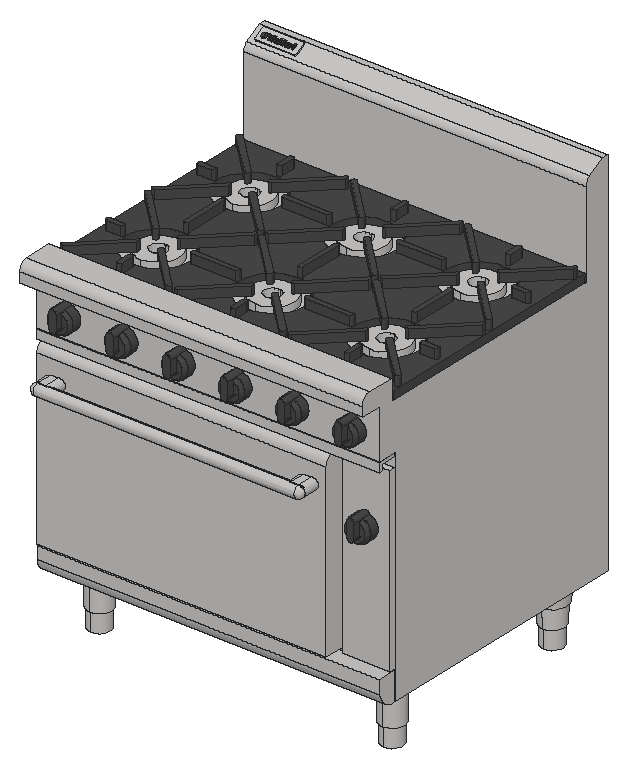
Revit family "QF_MOFFAT WALDORF_RN8610G", category Specialty Equipment, Revit 2012
Parameters
  Width = 900 mm
  Weight in Pounds = 209
  URL Cutsheet = "www.moffat.com"
  URL = "www.moffat.com"
  Type Mark [instance] = ""
  Status [instance] = ""
  Specification by User [instance] = ""
  Specification by Manufacturer = ""
  Show Logo [instance] = yes
  Show Clearance [instance] = yes
  Serial Number = ""
  Seismic Rating = ""
  SMACNA No = ""
  Revision Code [instance] = ""
  Omniclass Number and Title = ""
  NAFEM Spec ID Number = ""
  Model = "RN8610G"
  Mechanical Remarks = ""
  Mechanical Connection Type [instance] = ""
  Masterspec = ""
  Manufacturer = "MOFFAT WALDORF"
  Item Number [instance] = ""
  Installed By [instance] = ""
  Identify Quantity as Lot [instance] = yes
  Height = 1130 mm
  Gas Size = 3/4"
  Gas RI Height [instance] = 0 mm
  Gas KW [instance] = 55
  Gas Input [instance] = 187668.0 Btu/h
  Gas Connection Height = 0 mm
  Furnished By [instance] = ""
  Foodservice Equipment Identifier [instance] = yes
  Description = "RANGE GAS WITH STATIC OVEN"
  Depth = 805 mm
  CSI MasterFormat = ""
  CSI Master Format = ""
  Body Finish = QF_Finishes_Stainless Steel
Reference planes
  plane 1 "BACK": y = 0
  plane 2: z = 0
  plane 3 "LEFT": x = 0
  plane 4 "RIGHT": x = 900
  plane 5 "FRONT": y = -805
  plane 6 "TOP": z = 1130
  plane 7 "Center Y": x = 450
  plane 8 "Center X": y = -402.5
  plane 9: x = 280
  plane 10: y = -574.272
  plane 11: x = 60
  plane 12: y = -304.972
  plane 13: y = -364.972
  plane 14: x = 74
  plane 15: y = -805
  plane 16: x = 834.5
  plane 17: y = -32
  plane 18: z = 655
  plane 19: x = 65.8
Forms (mm)
  Extrusion 1, solid, material "QF_Finishes_Stainless Steel" <- "Body Finish"
    sketch origin (0, 0, 0) x (0, 1, 0) y (0, 0, 1)
      loop
        line (0, 150) -> (0, 1130) -> (-16.5, 1130) -> (-58.709, 1105.631)
        arc (-58.709, 1105.631) -> (-66.975, 1097.365) -> (-70, 1086.074) r 22.582
        line (-70, 1086.074) -> (-70, 861.8) -> (-709, 861.8) -> (-709, 915) -> (-781, 915)
        arc (-781, 915) -> (-797.971, 907.971) -> (-805, 891) r 24
        line (-805, 891) -> (-805, 866) -> (-749, 866) -> (-749, 736.219) -> (-696.73, 736.219) -> (-696.73, 150) -> (0, 150)
      loop
        line (-700.93, 150.071) -> (-700.93, 222.5) -> (-746.73, 222.5) -> (-746.73, 188)
        arc (-746.73, 188) -> (-731.317, 159.995) -> (-700.93, 150.071) r 43.526
      loop
        line (-749, 710) -> (-740.224, 710) -> (-742.613, 726.999) -> (-700.93, 726.999) -> (-700.93, 734.003) -> (-749, 734.003) -> (-749, 710)
    from 0 to 900
  Extrusion 2, solid, material "QF_Finishes_Stainless Steel"
    sketch origin (0, 0, 0) x (0, 1, 0) y (0, 0, 1)
      loop
        line (-699, 700) -> (-725, 700)
        arc (-725, 700) -> (-741.971, 692.971) -> (-749, 676) r 24
        line (-749, 676) -> (-749, 227.5) -> (-699, 227.5) -> (-699, 700)
    from 0 to 760
  Extrusion 3, solid, material "QF_Finishes_Stainless Steel"
    sketch origin (723.5, 0, 0) x (0, 1, 0) y (0, 0, 1)
      loop
        line (-699, 700) -> (-714, 700) -> (-714, 227.5) -> (-699, 227.5) -> (-699, 700)
    from 51.5 to 176.5
  Revolve 4, solid, material "QF_Finishes_Stainless Steel" <- "Body Finish"
    sketch origin (834.5, -165, 0) x (0, 1, 0) y (0, 0, -1)
      loop
        line (33.25, -50) -> (31.418, -102.468) -> (26.406, -102.468) -> (22.247, -150) -> (65, -150) -> (65, 0) -> (37.5, 0) -> (37.5, -50) -> (33.25, -50)
      axis (65, -150) -> (65, 0)
    angle from 0 to 360
  Revolve 5, solid, material "QF_Finishes_Stainless Steel" <- "Body Finish"
    sketch origin (834.5, -696.126, 0) x (0, 1, 0) y (0, 0, -1)
      loop
        line (39.376, -150) -> (71.126, -150) -> (71.126, 0) -> (43.626, 0) -> (43.626, -50) -> (39.376, -50) -> (39.376, -150)
      axis (71.126, -150) -> (71.126, 0)
    angle from 0 to 360
  Revolve 6, solid, material "QF_Finishes_Stainless Steel" <- "Body Finish"
    sketch origin (65.5, -165, 0) x (0, 1, 0) y (0, 0, 1)
      loop
        line (31.418, 102.468) -> (33.25, 50) -> (37.5, 50) -> (37.5, 0) -> (65, 0) -> (65, 150) -> (22.247, 150) -> (26.406, 102.468) -> (31.418, 102.468)
      axis (65, 150) -> (65, 0)
    angle from 0 to 360
  Revolve 7, solid, material "QF_Finishes_Stainless Steel" <- "Body Finish"
    sketch origin (65.5, -696.126, 0) x (0, 1, 0) y (0, 0, 1)
      loop
        line (39.376, 150) -> (39.376, 50) -> (43.626, 50) -> (43.626, 0) -> (71.126, 0) -> (71.126, 150) -> (39.376, 150)
      axis (71.126, 150) -> (71.126, 0)
    angle from 0 to 360
  Extrusion 8, solid, material "QF_Finishes_Stainless Steel"
    sketch origin (-64.5, 0, 325) x (1, 0, 0) y (0, 1, 0)
      loop
        circle (834.5, -32) r 10
    from 330 to 373.5
  Extrusion 9, solid, material "QF_Finishes_Black"
    sketch origin (0, -70, 861.8) x (0, -1, 0) y (1, 0, 0)
      loop
        arc (1, 4) -> (1.879, 1.879) -> (4, 1) r 3
        line (4, 1) -> (631, 1)
        arc (631, 1) -> (633.121, 1.879) -> (634, 4) r 3
        line (634, 4) -> (634, 897)
        arc (634, 897) -> (633.121, 899.121) -> (631, 900) r 3
        line (631, 900) -> (4, 900)
        arc (4, 900) -> (1.879, 899.121) -> (1, 897) r 3
        line (1, 897) -> (1, 4)
      loop
        circle (167.5, 150) r 85
      loop
        circle (167.5, 450) r 85
      loop
        circle (467.768, 150) r 85
      loop
        circle (467.768, 450) r 85
      loop
        circle (167.5, 750) r 85
      loop
        circle (467.768, 750) r 85
    from 0 to 19.5
  Extrusion 10, solid, material "QF_Finishes_Black"
    sketch origin (0, -70, 881.3) x (0, -1, 0) y (1, 0, 0)
      loop
        spline (323.602, 15.153) -> (322.681, 13.924) -> (322.131, 12.47) -> (321.99, 10.89) -> (322.267, 9.292) -> (322.943, 7.786) -> (323.973, 6.473) -> (325.286, 5.443) -> (326.792, 4.767) -> (328.39, 4.49) -> (329.97, 4.631) -> (331.424, 5.181) -> (332.653, 6.102)
        line (332.653, 6.102) -> (440.576, 114.025)
        spline (440.576, 114.025) -> (441.337, 115.095) -> (441.738, 116.399) -> (441.751, 117.851) -> (441.375, 119.35) -> (440.637, 120.795) -> (439.586, 122.086) -> (438.295, 123.137) -> (436.85, 123.875) -> (435.351, 124.251) -> (433.899, 124.238) -> (432.595, 123.837) -> (431.525, 123.076)
        line (431.525, 123.076) -> (323.602, 15.153)
      loop
        line (611.398, 15.153) -> (503.475, 123.076)
        spline (503.475, 123.076) -> (502.405, 123.837) -> (501.101, 124.238) -> (499.649, 124.251) -> (498.15, 123.875) -> (496.705, 123.137) -> (495.414, 122.086) -> (494.363, 120.795) -> (493.625, 119.35) -> (493.249, 117.851) -> (493.262, 116.399) -> (493.663, 115.095) -> (494.424, 114.025)
        line (494.424, 114.025) -> (602.347, 6.102)
        spline (602.347, 6.102) -> (603.416, 5.341) -> (604.721, 4.941) -> (606.172, 4.928) -> (607.671, 5.303) -> (609.116, 6.041) -> (610.408, 7.092) -> (611.459, 8.384) -> (612.197, 9.829) -> (612.572, 11.328) -> (612.559, 12.779) -> (612.159, 14.084) -> (611.398, 15.153)
      loop
        spline (375.602, 143.6) -> (376.896, 143.818) -> (378.102, 144.457) -> (379.138, 145.475) -> (379.932, 146.8) -> (380.432, 148.344) -> (380.602, 150) -> (380.432, 151.656) -> (379.932, 153.2) -> (379.138, 154.525) -> (378.102, 155.543) -> (376.896, 156.182) -> (375.602, 156.4)
        line (375.602, 156.4) -> (259.398, 156.4)
        spline (259.398, 156.4) -> (258.104, 156.182) -> (256.898, 155.543) -> (255.862, 154.525) -> (255.068, 153.2) -> (254.568, 151.656) -> (254.398, 150) -> (254.568, 148.344) -> (255.068, 146.8) -> (255.862, 145.475) -> (256.898, 144.457) -> (258.104, 143.818) -> (259.398, 143.6)
        line (259.398, 143.6) -> (375.602, 143.6)
      loop
        spline (23.602, 15.153) -> (22.681, 13.924) -> (22.131, 12.47) -> (21.99, 10.89) -> (22.267, 9.292) -> (22.943, 7.786) -> (23.973, 6.473) -> (25.286, 5.443) -> (26.792, 4.767) -> (28.39, 4.49) -> (29.97, 4.631) -> (31.424, 5.181) -> (32.653, 6.102)
        line (32.653, 6.102) -> (140.576, 114.025)
        spline (140.576, 114.025) -> (141.337, 115.095) -> (141.738, 116.399) -> (141.751, 117.851) -> (141.375, 119.35) -> (140.637, 120.795) -> (139.586, 122.086) -> (138.295, 123.137) -> (136.85, 123.875) -> (135.351, 124.251) -> (133.899, 124.238) -> (132.595, 123.837) -> (131.525, 123.076)
        line (131.525, 123.076) -> (23.602, 15.153)
      loop
        line (311.398, 15.153) -> (203.475, 123.076)
        spline (203.475, 123.076) -> (202.405, 123.837) -> (201.101, 124.238) -> (199.649, 124.251) -> (198.15, 123.875) -> (196.705, 123.137) -> (195.414, 122.086) -> (194.363, 120.795) -> (193.625, 119.35) -> (193.249, 117.851) -> (193.262, 116.399) -> (193.663, 115.095) -> (194.424, 114.025)
        line (194.424, 114.025) -> (302.347, 6.102)
        spline (302.347, 6.102) -> (303.416, 5.341) -> (304.721, 4.941) -> (306.172, 4.928) -> (307.671, 5.303) -> (309.116, 6.041) -> (310.408, 7.092) -> (311.459, 8.384) -> (312.197, 9.829) -> (312.572, 11.328) -> (312.559, 12.779) -> (312.159, 14.084) -> (311.398, 15.153)
      loop
        line (323.602, 284.847) -> (431.525, 176.924)
        spline (431.525, 176.924) -> (432.595, 176.163) -> (433.899, 175.762) -> (435.351, 175.749) -> (436.85, 176.125) -> (438.295, 176.863) -> (439.586, 177.914) -> (440.637, 179.205) -> (441.375, 180.65) -> (441.751, 182.149) -> (441.738, 183.601) -> (441.337, 184.905) -> (440.576, 185.975)
        line (440.576, 185.975) -> (332.653, 293.898)
        spline (332.653, 293.898) -> (331.424, 294.819) -> (329.97, 295.369) -> (328.39, 295.51) -> (326.792, 295.233) -> (325.286, 294.557) -> (323.973, 293.527) -> (322.943, 292.214) -> (322.267, 290.708) -> (321.99, 289.11) -> (322.131, 287.53) -> (322.681, 286.076) -> (323.602, 284.847)
      loop
        spline (611.398, 284.847) -> (612.159, 285.916) -> (612.559, 287.221) -> (612.572, 288.672) -> (612.197, 290.171) -> (611.459, 291.616) -> (610.408, 292.908) -> (609.116, 293.959) -> (607.671, 294.697) -> (606.172, 295.072) -> (604.721, 295.059) -> (603.416, 294.659) -> (602.347, 293.898)
        line (602.347, 293.898) -> (494.424, 185.975)
        spline (494.424, 185.975) -> (493.663, 184.905) -> (493.262, 183.601) -> (493.249, 182.149) -> (493.625, 180.65) -> (494.363, 179.205) -> (495.414, 177.914) -> (496.705, 176.863) -> (498.15, 176.125) -> (499.649, 175.749) -> (501.101, 175.762) -> (502.405, 176.163) -> (503.475, 176.924)
        line (503.475, 176.924) -> (611.398, 284.847)
      loop
        spline (461.1, 241.898) -> (461.318, 240.604) -> (461.957, 239.398) -> (462.975, 238.362) -> (464.3, 237.568) -> (465.844, 237.068) -> (467.5, 236.898) -> (469.156, 237.068) -> (470.7, 237.568) -> (472.025, 238.362) -> (473.043, 239.398) -> (473.682, 240.604) -> (473.9, 241.898)
        line (473.9, 241.898) -> (473.9, 358.102)
        spline (473.9, 358.102) -> (473.682, 359.396) -> (473.043, 360.602) -> (472.025, 361.638) -> (470.7, 362.432) -> (469.156, 362.932) -> (467.5, 363.102) -> (465.844, 362.932) -> (464.3, 362.432) -> (462.975, 361.638) -> (461.957, 360.602) -> (461.318, 359.396) -> (461.1, 358.102)
        line (461.1, 358.102) -> (461.1, 241.898)
      loop
        line (23.602, 284.847) -> (131.525, 176.924)
        spline (131.525, 176.924) -> (132.595, 176.163) -> (133.899, 175.762) -> (135.351, 175.749) -> (136.85, 176.125) -> (138.295, 176.863) -> (139.586, 177.914) -> (140.637, 179.205) -> (141.375, 180.65) -> (141.751, 182.149) -> (141.738, 183.601) -> (141.337, 184.905) -> (140.576, 185.975)
        line (140.576, 185.975) -> (32.653, 293.898)
        spline (32.653, 293.898) -> (31.424, 294.819) -> (29.97, 295.369) -> (28.39, 295.51) -> (26.792, 295.233) -> (25.286, 294.557) -> (23.973, 293.527) -> (22.943, 292.214) -> (22.267, 290.708) -> (21.99, 289.11) -> (22.131, 287.53) -> (22.681, 286.076) -> (23.602, 284.847)
      loop
        spline (311.398, 284.847) -> (312.159, 285.916) -> (312.559, 287.221) -> (312.572, 288.672) -> (312.197, 290.171) -> (311.459, 291.616) -> (310.408, 292.908) -> (309.116, 293.959) -> (307.671, 294.697) -> (306.172, 295.072) -> (304.721, 295.059) -> (303.416, 294.659) -> (302.347, 293.898)
        line (302.347, 293.898) -> (194.424, 185.975)
        spline (194.424, 185.975) -> (193.663, 184.905) -> (193.262, 183.601) -> (193.249, 182.149) -> (193.625, 180.65) -> (194.363, 179.205) -> (195.414, 177.914) -> (196.705, 176.863) -> (198.15, 176.125) -> (199.649, 175.749) -> (201.101, 175.762) -> (202.405, 176.163) -> (203.475, 176.924)
        line (203.475, 176.924) -> (311.398, 284.847)
      loop
        spline (161.1, 241.898) -> (161.318, 240.604) -> (161.957, 239.398) -> (162.975, 238.362) -> (164.3, 237.568) -> (165.844, 237.068) -> (167.5, 236.898) -> (169.156, 237.068) -> (170.7, 237.568) -> (172.025, 238.362) -> (173.043, 239.398) -> (173.682, 240.604) -> (173.9, 241.898)
        line (173.9, 241.898) -> (173.9, 358.102)
        spline (173.9, 358.102) -> (173.682, 359.396) -> (173.043, 360.602) -> (172.025, 361.638) -> (170.7, 362.432) -> (169.156, 362.932) -> (167.5, 363.102) -> (165.844, 362.932) -> (164.3, 362.432) -> (162.975, 361.638) -> (161.957, 360.602) -> (161.318, 359.396) -> (161.1, 358.102)
        line (161.1, 358.102) -> (161.1, 241.898)
      loop
        line (375.602, 456.4) -> (259.398, 456.4)
        spline (259.398, 456.4) -> (258.104, 456.182) -> (256.898, 455.543) -> (255.862, 454.525) -> (255.068, 453.2) -> (254.568, 451.656) -> (254.398, 450) -> (254.568, 448.344) -> (255.068, 446.8) -> (255.862, 445.475) -> (256.898, 444.457) -> (258.104, 443.818) -> (259.398, 443.6)
        line (259.398, 443.6) -> (375.602, 443.6)
        spline (375.602, 443.6) -> (376.896, 443.818) -> (378.102, 444.457) -> (379.138, 445.475) -> (379.932, 446.8) -> (380.432, 448.344) -> (380.602, 450) -> (380.432, 451.656) -> (379.932, 453.2) -> (379.138, 454.525) -> (378.102, 455.543) -> (376.896, 456.182) -> (375.602, 456.4)
      loop
        spline (323.602, 315.153) -> (322.681, 313.924) -> (322.131, 312.47) -> (321.99, 310.89) -> (322.267, 309.292) -> (322.943, 307.786) -> (323.973, 306.473) -> (325.286, 305.443) -> (326.792, 304.767) -> (328.39, 304.49) -> (329.97, 304.631) -> (331.424, 305.181) -> (332.653, 306.102)
        line (332.653, 306.102) -> (440.576, 414.025)
        spline (440.576, 414.025) -> (441.337, 415.095) -> (441.738, 416.399) -> (441.751, 417.851) -> (441.375, 419.35) -> (440.637, 420.795) -> (439.586, 422.086) -> (438.295, 423.137) -> (436.85, 423.875) -> (435.351, 424.251) -> (433.899, 424.238) -> (432.595, 423.837) -> (431.525, 423.076)
        line (431.525, 423.076) -> (323.602, 315.153)
      loop
        line (611.398, 315.153) -> (503.475, 423.076)
        spline (503.475, 423.076) -> (502.405, 423.837) -> (501.101, 424.238) -> (499.649, 424.251) -> (498.15, 423.875) -> (496.705, 423.137) -> (495.414, 422.086) -> (494.363, 420.795) -> (493.625, 419.35) -> (493.249, 417.851) -> (493.262, 416.399) -> (493.663, 415.095) -> (494.424, 414.025)
        line (494.424, 414.025) -> (602.347, 306.102)
        spline (602.347, 306.102) -> (603.416, 305.341) -> (604.721, 304.941) -> (606.172, 304.928) -> (607.671, 305.303) -> (609.116, 306.041) -> (610.408, 307.092) -> (611.459, 308.384) -> (612.197, 309.829) -> (612.572, 311.328) -> (612.559, 312.779) -> (612.159, 314.084) -> (611.398, 315.153)
      loop
        spline (23.602, 315.153) -> (22.681, 313.924) -> (22.131, 312.47) -> (21.99, 310.89) -> (22.267, 309.292) -> (22.943, 307.786) -> (23.973, 306.473) -> (25.286, 305.443) -> (26.792, 304.767) -> (28.39, 304.49) -> (29.97, 304.631) -> (31.424, 305.181) -> (32.653, 306.102)
        line (32.653, 306.102) -> (140.576, 414.025)
        spline (140.576, 414.025) -> (141.337, 415.095) -> (141.738, 416.399) -> (141.751, 417.851) -> (141.375, 419.35) -> (140.637, 420.795) -> (139.586, 422.086) -> (138.295, 423.137) -> (136.85, 423.875) -> (135.351, 424.251) -> (133.899, 424.238) -> (132.595, 423.837) -> (131.525, 423.076)
        line (131.525, 423.076) -> (23.602, 315.153)
      loop
        line (311.398, 315.153) -> (203.475, 423.076)
        spline (203.475, 423.076) -> (202.405, 423.837) -> (201.101, 424.238) -> (199.649, 424.251) -> (198.15, 423.875) -> (196.705, 423.137) -> (195.414, 422.086) -> (194.363, 420.795) -> (193.625, 419.35) -> (193.249, 417.851) -> (193.262, 416.399) -> (193.663, 415.095) -> (194.424, 414.025)
        line (194.424, 414.025) -> (302.347, 306.102)
        spline (302.347, 306.102) -> (303.416, 305.341) -> (304.721, 304.941) -> (306.172, 304.928) -> (307.671, 305.303) -> (309.116, 306.041) -> (310.408, 307.092) -> (311.459, 308.384) -> (312.197, 309.829) -> (312.572, 311.328) -> (312.559, 312.779) -> (312.159, 314.084) -> (311.398, 315.153)
      loop
        line (323.602, 584.847) -> (431.525, 476.924)
        spline (431.525, 476.924) -> (432.595, 476.163) -> (433.899, 475.762) -> (435.351, 475.749) -> (436.85, 476.125) -> (438.295, 476.863) -> (439.586, 477.914) -> (440.637, 479.205) -> (441.375, 480.65) -> (441.751, 482.149) -> (441.738, 483.601) -> (441.337, 484.905) -> (440.576, 485.975)
        line (440.576, 485.975) -> (332.653, 593.898)
        spline (332.653, 593.898) -> (331.424, 594.819) -> (329.97, 595.369) -> (328.39, 595.51) -> (326.792, 595.233) -> (325.286, 594.557) -> (323.973, 593.527) -> (322.943, 592.214) -> (322.267, 590.708) -> (321.99, 589.11) -> (322.131, 587.53) -> (322.681, 586.076) -> (323.602, 584.847)
      loop
        spline (611.398, 584.847) -> (612.159, 585.916) -> (612.559, 587.221) -> (612.572, 588.672) -> (612.197, 590.171) -> (611.459, 591.616) -> (610.408, 592.908) -> (609.116, 593.959) -> (607.671, 594.697) -> (606.172, 595.072) -> (604.721, 595.059) -> (603.416, 594.659) -> (602.347, 593.898)
        line (602.347, 593.898) -> (494.424, 485.975)
        spline (494.424, 485.975) -> (493.663, 484.905) -> (493.262, 483.601) -> (493.249, 482.149) -> (493.625, 480.65) -> (494.363, 479.205) -> (495.414, 477.914) -> (496.705, 476.863) -> (498.15, 476.125) -> (499.649, 475.749) -> (501.101, 475.762) -> (502.405, 476.163) -> (503.475, 476.924)
        line (503.475, 476.924) -> (611.398, 584.847)
      loop
        line (23.602, 584.847) -> (131.525, 476.924)
        spline (131.525, 476.924) -> (132.595, 476.163) -> (133.899, 475.762) -> (135.351, 475.749) -> (136.85, 476.125) -> (138.295, 476.863) -> (139.586, 477.914) -> (140.637, 479.205) -> (141.375, 480.65) -> (141.751, 482.149) -> (141.738, 483.601) -> (141.337, 484.905) -> (140.576, 485.975)
        line (140.576, 485.975) -> (32.653, 593.898)
        spline (32.653, 593.898) -> (31.424, 594.819) -> (29.97, 595.369) -> (28.39, 595.51) -> (26.792, 595.233) -> (25.286, 594.557) -> (23.973, 593.527) -> (22.943, 592.214) -> (22.267, 590.708) -> (21.99, 589.11) -> (22.131, 587.53) -> (22.681, 586.076) -> (23.602, 584.847)
      loop
        spline (311.398, 584.847) -> (312.159, 585.916) -> (312.559, 587.221) -> (312.572, 588.672) -> (312.197, 590.171) -> (311.459, 591.616) -> (310.408, 592.908) -> (309.116, 593.959) -> (307.671, 594.697) -> (306.172, 595.072) -> (304.721, 595.059) -> (303.416, 594.659) -> (302.347, 593.898)
        line (302.347, 593.898) -> (194.424, 485.975)
        spline (194.424, 485.975) -> (193.663, 484.905) -> (193.262, 483.601) -> (193.249, 482.149) -> (193.625, 480.65) -> (194.363, 479.205) -> (195.414, 477.914) -> (196.705, 476.863) -> (198.15, 476.125) -> (199.649, 475.749) -> (201.101, 475.762) -> (202.405, 476.163) -> (203.475, 476.924)
        line (203.475, 476.924) -> (311.398, 584.847)
      loop
        spline (461.1, 541.898) -> (461.318, 540.604) -> (461.957, 539.398) -> (462.975, 538.362) -> (464.3, 537.568) -> (465.844, 537.068) -> (467.5, 536.898) -> (469.156, 537.068) -> (470.7, 537.568) -> (472.025, 538.362) -> (473.043, 539.398) -> (473.682, 540.604) -> (473.9, 541.898)
        line (473.9, 541.898) -> (473.9, 658.102)
        spline (473.9, 658.102) -> (473.682, 659.396) -> (473.043, 660.602) -> (472.025, 661.638) -> (470.7, 662.432) -> (469.156, 662.932) -> (467.5, 663.102) -> (465.844, 662.932) -> (464.3, 662.432) -> (462.975, 661.638) -> (461.957, 660.602) -> (461.318, 659.396) -> (461.1, 658.102)
        line (461.1, 658.102) -> (461.1, 541.898)
      loop
        spline (161.1, 541.898) -> (161.318, 540.604) -> (161.957, 539.398) -> (162.975, 538.362) -> (164.3, 537.568) -> (165.844, 537.068) -> (167.5, 536.898) -> (169.156, 537.068) -> (170.7, 537.568) -> (172.025, 538.362) -> (173.043, 539.398) -> (173.682, 540.604) -> (173.9, 541.898)
        line (173.9, 541.898) -> (173.9, 658.102)
        spline (173.9, 658.102) -> (173.682, 659.396) -> (173.043, 660.602) -> (172.025, 661.638) -> (170.7, 662.432) -> (169.156, 662.932) -> (167.5, 663.102) -> (165.844, 662.932) -> (164.3, 662.432) -> (162.975, 661.638) -> (161.957, 660.602) -> (161.318, 659.396) -> (161.1, 658.102)
        line (161.1, 658.102) -> (161.1, 541.898)
      loop
        line (375.602, 756.4) -> (259.398, 756.4)
        spline (259.398, 756.4) -> (258.104, 756.182) -> (256.898, 755.543) -> (255.862, 754.525) -> (255.068, 753.2) -> (254.568, 751.656) -> (254.398, 750) -> (254.568, 748.344) -> (255.068, 746.8) -> (255.862, 745.475) -> (256.898, 744.457) -> (258.104, 743.818) -> (259.398, 743.6)
        line (259.398, 743.6) -> (375.602, 743.6)
        spline (375.602, 743.6) -> (376.896, 743.818) -> (378.102, 744.457) -> (379.138, 745.475) -> (379.932, 746.8) -> (380.432, 748.344) -> (380.602, 750) -> (380.432, 751.656) -> (379.932, 753.2) -> (379.138, 754.525) -> (378.102, 755.543) -> (376.896, 756.182) -> (375.602, 756.4)
      loop
        spline (323.602, 615.153) -> (322.681, 613.924) -> (322.131, 612.47) -> (321.99, 610.89) -> (322.267, 609.292) -> (322.943, 607.786) -> (323.973, 606.473) -> (325.286, 605.443) -> (326.792, 604.767) -> (328.39, 604.49) -> (329.97, 604.631) -> (331.424, 605.181) -> (332.653, 606.102)
        line (332.653, 606.102) -> (440.576, 714.025)
        spline (440.576, 714.025) -> (441.337, 715.095) -> (441.738, 716.399) -> (441.751, 717.851) -> (441.375, 719.35) -> (440.637, 720.795) -> (439.586, 722.086) -> (438.295, 723.137) -> (436.85, 723.875) -> (435.351, 724.251) -> (433.899, 724.238) -> (432.595, 723.837) -> (431.525, 723.076)
        line (431.525, 723.076) -> (323.602, 615.153)
      loop
        line (611.398, 615.153) -> (503.475, 723.076)
        spline (503.475, 723.076) -> (502.405, 723.837) -> (501.101, 724.238) -> (499.649, 724.251) -> (498.15, 723.875) -> (496.705, 723.137) -> (495.414, 722.086) -> (494.363, 720.795) -> (493.625, 719.35) -> (493.249, 717.851) -> (493.262, 716.399) -> (493.663, 715.095) -> (494.424, 714.025)
        line (494.424, 714.025) -> (602.347, 606.102)
        spline (602.347, 606.102) -> (603.416, 605.341) -> (604.721, 604.941) -> (606.172, 604.928) -> (607.671, 605.303) -> (609.116, 606.041) -> (610.408, 607.092) -> (611.459, 608.384) -> (612.197, 609.829) -> (612.572, 611.328) -> (612.559, 612.779) -> (612.159, 614.084) -> (611.398, 615.153)
      loop
        spline (23.602, 615.153) -> (22.681, 613.924) -> (22.131, 612.47) -> (21.99, 610.89) -> (22.267, 609.292) -> (22.943, 607.786) -> (23.973, 606.473) -> (25.286, 605.443) -> (26.792, 604.767) -> (28.39, 604.49) -> (29.97, 604.631) -> (31.424, 605.181) -> (32.653, 606.102)
        line (32.653, 606.102) -> (140.576, 714.025)
        spline (140.576, 714.025) -> (141.337, 715.095) -> (141.738, 716.399) -> (141.751, 717.851) -> (141.375, 719.35) -> (140.637, 720.795) -> (139.586, 722.086) -> (138.295, 723.137) -> (136.85, 723.875) -> (135.351, 724.251) -> (133.899, 724.238) -> (132.595, 723.837) -> (131.525, 723.076)
        line (131.525, 723.076) -> (23.602, 615.153)
      loop
        line (311.398, 615.153) -> (203.475, 723.076)
        spline (203.475, 723.076) -> (202.405, 723.837) -> (201.101, 724.238) -> (199.649, 724.251) -> (198.15, 723.875) -> (196.705, 723.137) -> (195.414, 722.086) -> (194.363, 720.795) -> (193.625, 719.35) -> (193.249, 717.851) -> (193.262, 716.399) -> (193.663, 715.095) -> (194.424, 714.025)
        line (194.424, 714.025) -> (302.347, 606.102)
        spline (302.347, 606.102) -> (303.416, 605.341) -> (304.721, 604.941) -> (306.172, 604.928) -> (307.671, 605.303) -> (309.116, 606.041) -> (310.408, 607.092) -> (311.459, 608.384) -> (312.197, 609.829) -> (312.572, 611.328) -> (312.559, 612.779) -> (312.159, 614.084) -> (311.398, 615.153)
      loop
        line (323.602, 884.847) -> (431.525, 776.924)
        spline (431.525, 776.924) -> (432.595, 776.163) -> (433.899, 775.762) -> (435.351, 775.749) -> (436.85, 776.125) -> (438.295, 776.863) -> (439.586, 777.914) -> (440.637, 779.205) -> (441.375, 780.65) -> (441.751, 782.149) -> (441.738, 783.601) -> (441.337, 784.905) -> (440.576, 785.975)
        line (440.576, 785.975) -> (332.653, 893.898)
        spline (332.653, 893.898) -> (331.424, 894.819) -> (329.97, 895.369) -> (328.39, 895.51) -> (326.792, 895.233) -> (325.286, 894.557) -> (323.973, 893.527) -> (322.943, 892.214) -> (322.267, 890.708) -> (321.99, 889.11) -> (322.131, 887.53) -> (322.681, 886.076) -> (323.602, 884.847)
      loop
        spline (611.398, 884.847) -> (612.159, 885.916) -> (612.559, 887.221) -> (612.572, 888.672) -> (612.197, 890.171) -> (611.459, 891.616) -> (610.408, 892.908) -> (609.116, 893.959) -> (607.671, 894.697) -> (606.172, 895.072) -> (604.721, 895.059) -> (603.416, 894.659) -> (602.347, 893.898)
        line (602.347, 893.898) -> (494.424, 785.975)
        spline (494.424, 785.975) -> (493.663, 784.905) -> (493.262, 783.601) -> (493.249, 782.149) -> (493.625, 780.65) -> (494.363, 779.205) -> (495.414, 777.914) -> (496.705, 776.863) -> (498.15, 776.125) -> (499.649, 775.749) -> (501.101, 775.762) -> (502.405, 776.163) -> (503.475, 776.924)
        line (503.475, 776.924) -> (611.398, 884.847)
      loop
        line (23.602, 884.847) -> (131.525, 776.924)
        spline (131.525, 776.924) -> (132.595, 776.163) -> (133.899, 775.762) -> (135.351, 775.749) -> (136.85, 776.125) -> (138.295, 776.863) -> (139.586, 777.914) -> (140.637, 779.205) -> (141.375, 780.65) -> (141.751, 782.149) -> (141.738, 783.601) -> (141.337, 784.905) -> (140.576, 785.975)
        line (140.576, 785.975) -> (32.653, 893.898)
        spline (32.653, 893.898) -> (31.424, 894.819) -> (29.97, 895.369) -> (28.39, 895.51) -> (26.792, 895.233) -> (25.286, 894.557) -> (23.973, 893.527) -> (22.943, 892.214) -> (22.267, 890.708) -> (21.99, 889.11) -> (22.131, 887.53) -> (22.681, 886.076) -> (23.602, 884.847)
      loop
        spline (311.398, 884.847) -> (312.159, 885.916) -> (312.559, 887.221) -> (312.572, 888.672) -> (312.197, 890.171) -> (311.459, 891.616) -> (310.408, 892.908) -> (309.116, 893.959) -> (307.671, 894.697) -> (306.172, 895.072) -> (304.721, 895.059) -> (303.416, 894.659) -> (302.347, 893.898)
        line (302.347, 893.898) -> (194.424, 785.975)
        spline (194.424, 785.975) -> (193.663, 784.905) -> (193.262, 783.601) -> (193.249, 782.149) -> (193.625, 780.65) -> (194.363, 779.205) -> (195.414, 777.914) -> (196.705, 776.863) -> (198.15, 776.125) -> (199.649, 775.749) -> (201.101, 775.762) -> (202.405, 776.163) -> (203.475, 776.924)
        line (203.475, 776.924) -> (311.398, 884.847)
      loop
        spline (461.1, 19.118) -> (461.318, 17.824) -> (461.957, 16.618) -> (462.975, 15.582) -> (464.3, 14.788) -> (465.844, 14.288) -> (467.5, 14.118) -> (469.156, 14.288) -> (470.7, 14.788) -> (472.025, 15.582) -> (473.043, 16.618) -> (473.682, 17.824) -> (473.9, 19.118)
        line (473.9, 19.118) -> (473.9, 55.322)
        spline (473.9, 55.322) -> (473.682, 56.616) -> (473.043, 57.822) -> (472.025, 58.858) -> (470.7, 59.652) -> (469.156, 60.152) -> (467.5, 60.322) -> (465.844, 60.152) -> (464.3, 59.652) -> (462.975, 58.858) -> (461.957, 57.822) -> (461.318, 56.616) -> (461.1, 55.322)
        line (461.1, 55.322) -> (461.1, 19.118)
      loop
        spline (161.1, 19.118) -> (161.318, 17.824) -> (161.957, 16.618) -> (162.975, 15.582) -> (164.3, 14.788) -> (165.844, 14.288) -> (167.5, 14.118) -> (169.156, 14.288) -> (170.7, 14.788) -> (172.025, 15.582) -> (173.043, 16.618) -> (173.682, 17.824) -> (173.9, 19.118)
        line (173.9, 19.118) -> (173.9, 55.322)
        spline (173.9, 55.322) -> (173.682, 56.616) -> (173.043, 57.822) -> (172.025, 58.858) -> (170.7, 59.652) -> (169.156, 60.152) -> (167.5, 60.322) -> (165.844, 60.152) -> (164.3, 59.652) -> (162.975, 58.858) -> (161.957, 57.822) -> (161.318, 56.616) -> (161.1, 55.322)
        line (161.1, 55.322) -> (161.1, 19.118)
      loop
        spline (461.1, 844.678) -> (461.318, 843.384) -> (461.957, 842.178) -> (462.975, 841.142) -> (464.3, 840.348) -> (465.844, 839.848) -> (467.5, 839.678) -> (469.156, 839.848) -> (470.7, 840.348) -> (472.025, 841.142) -> (473.043, 842.178) -> (473.682, 843.384) -> (473.9, 844.678)
        line (473.9, 844.678) -> (473.9, 880.882)
        spline (473.9, 880.882) -> (473.682, 882.176) -> (473.043, 883.382) -> (472.025, 884.418) -> (470.7, 885.212) -> (469.156, 885.712) -> (467.5, 885.882) -> (465.844, 885.712) -> (464.3, 885.212) -> (462.975, 884.418) -> (461.957, 883.382) -> (461.318, 882.176) -> (461.1, 880.882)
        line (461.1, 880.882) -> (461.1, 844.678)
      loop
        spline (161.1, 844.678) -> (161.318, 843.384) -> (161.957, 842.178) -> (162.975, 841.142) -> (164.3, 840.348) -> (165.844, 839.848) -> (167.5, 839.678) -> (169.156, 839.848) -> (170.7, 840.348) -> (172.025, 841.142) -> (173.043, 842.178) -> (173.682, 843.384) -> (173.9, 844.678)
        line (173.9, 844.678) -> (173.9, 880.882)
        spline (173.9, 880.882) -> (173.682, 882.176) -> (173.043, 883.382) -> (172.025, 884.418) -> (170.7, 885.212) -> (169.156, 885.712) -> (167.5, 885.882) -> (165.844, 885.712) -> (164.3, 885.212) -> (162.975, 884.418) -> (161.957, 883.382) -> (161.318, 882.176) -> (161.1, 880.882)
        line (161.1, 880.882) -> (161.1, 844.678)
      loop
        spline (68.743, 743.565) -> (70.037, 743.783) -> (71.243, 744.423) -> (72.279, 745.44) -> (73.073, 746.765) -> (73.573, 748.309) -> (73.743, 749.965) -> (73.573, 751.622) -> (73.073, 753.165) -> (72.279, 754.491) -> (71.243, 755.508) -> (70.037, 756.147) -> (68.743, 756.365)
        line (68.743, 756.365) -> (32.539, 756.365)
        spline (32.539, 756.365) -> (31.245, 756.147) -> (30.039, 755.508) -> (29.003, 754.491) -> (28.209, 753.165) -> (27.709, 751.622) -> (27.539, 749.965) -> (27.709, 748.309) -> (28.209, 746.765) -> (29.003, 745.44) -> (30.039, 744.423) -> (31.245, 743.783) -> (32.539, 743.565)
        line (32.539, 743.565) -> (68.743, 743.565)
      loop
        spline (68.743, 443.565) -> (70.037, 443.783) -> (71.243, 444.423) -> (72.279, 445.44) -> (73.073, 446.765) -> (73.573, 448.309) -> (73.743, 449.965) -> (73.573, 451.622) -> (73.073, 453.165) -> (72.279, 454.491) -> (71.243, 455.508) -> (70.037, 456.147) -> (68.743, 456.365)
        line (68.743, 456.365) -> (32.539, 456.365)
        spline (32.539, 456.365) -> (31.245, 456.147) -> (30.039, 455.508) -> (29.003, 454.491) -> (28.209, 453.165) -> (27.709, 451.622) -> (27.539, 449.965) -> (27.709, 448.309) -> (28.209, 446.765) -> (29.003, 445.44) -> (30.039, 444.423) -> (31.245, 443.783) -> (32.539, 443.565)
        line (32.539, 443.565) -> (68.743, 443.565)
      loop
        spline (68.743, 143.565) -> (70.037, 143.783) -> (71.243, 144.423) -> (72.279, 145.44) -> (73.073, 146.765) -> (73.573, 148.309) -> (73.743, 149.965) -> (73.573, 151.622) -> (73.073, 153.165) -> (72.279, 154.491) -> (71.243, 155.508) -> (70.037, 156.147) -> (68.743, 156.365)
        line (68.743, 156.365) -> (32.539, 156.365)
        spline (32.539, 156.365) -> (31.245, 156.147) -> (30.039, 155.508) -> (29.003, 154.491) -> (28.209, 153.165) -> (27.709, 151.622) -> (27.539, 149.965) -> (27.709, 148.309) -> (28.209, 146.765) -> (29.003, 145.44) -> (30.039, 144.423) -> (31.245, 143.783) -> (32.539, 143.565)
        line (32.539, 143.565) -> (68.743, 143.565)
      loop
        spline (596.243, 743.565) -> (597.537, 743.783) -> (598.743, 744.423) -> (599.779, 745.44) -> (600.573, 746.765) -> (601.073, 748.309) -> (601.243, 749.965) -> (601.073, 751.622) -> (600.573, 753.165) -> (599.779, 754.491) -> (598.743, 755.508) -> (597.537, 756.147) -> (596.243, 756.365)
        line (596.243, 756.365) -> (560.039, 756.365)
        spline (560.039, 756.365) -> (558.745, 756.147) -> (557.539, 755.508) -> (556.503, 754.491) -> (555.709, 753.165) -> (555.209, 751.622) -> (555.039, 749.965) -> (555.209, 748.309) -> (555.709, 746.765) -> (556.503, 745.44) -> (557.539, 744.423) -> (558.745, 743.783) -> (560.039, 743.565)
        line (560.039, 743.565) -> (596.243, 743.565)
      loop
        spline (596.243, 443.565) -> (597.537, 443.783) -> (598.743, 444.423) -> (599.779, 445.44) -> (600.573, 446.765) -> (601.073, 448.309) -> (601.243, 449.965) -> (601.073, 451.622) -> (600.573, 453.165) -> (599.779, 454.491) -> (598.743, 455.508) -> (597.537, 456.147) -> (596.243, 456.365)
        line (596.243, 456.365) -> (560.039, 456.365)
        spline (560.039, 456.365) -> (558.745, 456.147) -> (557.539, 455.508) -> (556.503, 454.491) -> (555.709, 453.165) -> (555.209, 451.622) -> (555.039, 449.965) -> (555.209, 448.309) -> (555.709, 446.765) -> (556.503, 445.44) -> (557.539, 444.423) -> (558.745, 443.783) -> (560.039, 443.565)
        line (560.039, 443.565) -> (596.243, 443.565)
      loop
        spline (596.243, 143.565) -> (597.537, 143.783) -> (598.743, 144.423) -> (599.779, 145.44) -> (600.573, 146.765) -> (601.073, 148.309) -> (601.243, 149.965) -> (601.073, 151.622) -> (600.573, 153.165) -> (599.779, 154.491) -> (598.743, 155.508) -> (597.537, 156.147) -> (596.243, 156.365)
        line (596.243, 156.365) -> (560.039, 156.365)
        spline (560.039, 156.365) -> (558.745, 156.147) -> (557.539, 155.508) -> (556.503, 154.491) -> (555.709, 153.165) -> (555.209, 151.622) -> (555.039, 149.965) -> (555.209, 148.309) -> (555.709, 146.765) -> (556.503, 145.44) -> (557.539, 144.423) -> (558.745, 143.783) -> (560.039, 143.565)
        line (560.039, 143.565) -> (596.243, 143.565)
    from 0 to 23.5
  Revolve 11, solid, material "QF_Finishes_Black"
    sketch origin (838.726, 38.874, -0.118) x (0, 1, 0) y (0, 0, 1)
      loop
        line (-820.874, 829.5) -> (-831.874, 823.651) -> (-831.874, 797) -> (-787.874, 797) -> (-787.874, 802) -> (-797.874, 802) -> (-797.874, 829.5) -> (-820.874, 829.5)
      axis (-831.874, 797) -> (-787.874, 797)
    angle from 0 to 360
  Revolve 12, solid, material "QF_Finishes_Black"
    sketch origin (688.726, 38.874, -0.118) x (0, 1, 0) y (0, 0, 1)
      loop
        line (-820.874, 829.5) -> (-831.874, 823.651) -> (-831.874, 797) -> (-787.874, 797) -> (-787.874, 802) -> (-797.874, 802) -> (-797.874, 829.5) -> (-820.874, 829.5)
      axis (-831.874, 797) -> (-787.874, 797)
    angle from 0 to 360
  Revolve 13, solid, material "QF_Finishes_Black"
    sketch origin (89.399, 38.874, -0.118) x (0, 1, 0) y (0, 0, -1)
      loop
        line (-820.874, -829.5) -> (-797.874, -829.5) -> (-797.874, -802) -> (-787.874, -802) -> (-787.874, -797) -> (-831.874, -797) -> (-831.874, -823.651) -> (-820.874, -829.5)
      axis (-831.874, -797) -> (-787.874, -797)
    angle from 0 to 360
  Revolve 14, solid, material "QF_Finishes_Black"
    sketch origin (239.399, 38.874, -0.118) x (0, 1, 0) y (0, 0, -1)
      loop
        line (-820.874, -829.5) -> (-797.874, -829.5) -> (-797.874, -802) -> (-787.874, -802) -> (-787.874, -797) -> (-831.874, -797) -> (-831.874, -823.651) -> (-820.874, -829.5)
      axis (-831.874, -797) -> (-787.874, -797)
    angle from 0 to 360
  Revolve 15, solid, material "QF_Finishes_Black"
    sketch origin (389.375, 38.874, -0.118) x (0, 1, 0) y (0, 0, -1)
      loop
        line (-820.874, -829.5) -> (-797.874, -829.5) -> (-797.874, -802) -> (-787.874, -802) -> (-787.874, -797) -> (-831.874, -797) -> (-831.874, -823.651) -> (-820.874, -829.5)
      axis (-831.874, -797) -> (-787.874, -797)
    angle from 0 to 360
  Revolve 16, solid, material "QF_Finishes_Black"
    sketch origin (539.375, 38.874, -0.118) x (0, 1, 0) y (0, 0, -1)
      loop
        line (-820.874, -829.5) -> (-797.874, -829.5) -> (-797.874, -802) -> (-787.874, -802) -> (-787.874, -797) -> (-831.874, -797) -> (-831.874, -823.651) -> (-820.874, -829.5)
      axis (-831.874, -797) -> (-787.874, -797)
    angle from 0 to 360
  Extrusion 17, solid, material "QF_Finishes_Black"
    sketch origin (237.206, 0, -0.118) x (-1, 0, 0) y (0, 0, -1)
      loop
        arc (158.3, -789) -> (148.3, -779) -> (138.3, -789) r 10
        line (138.3, -789) -> (138.3, -824)
        arc (138.3, -824) -> (148.3, -834) -> (158.3, -824) r 10
        line (158.3, -824) -> (158.3, -789)
    from 759 to 808
  Extrusion 18, solid, material "QF_Finishes_Black"
    sketch origin (387.206, 0, -0.118) x (-1, 0, 0) y (0, 0, -1)
      loop
        arc (158.3, -789) -> (148.3, -779) -> (138.3, -789) r 10
        line (138.3, -789) -> (138.3, -824)
        arc (138.3, -824) -> (148.3, -834) -> (158.3, -824) r 10
        line (158.3, -824) -> (158.3, -789)
    from 759 to 808
  Extrusion 19, solid, material "QF_Finishes_Black"
    sketch origin (690.919, 0, -0.118) x (1, 0, 0) y (0, 0, 1)
      loop
        line (158.3, 789) -> (158.3, 824)
        arc (158.3, 824) -> (148.3, 834) -> (138.3, 824) r 10
        line (138.3, 824) -> (138.3, 789)
        arc (138.3, 789) -> (148.3, 779) -> (158.3, 789) r 10
    from 759 to 808
  Extrusion 20, solid, material "QF_Finishes_Black"
    sketch origin (540.919, 0, -0.118) x (1, 0, 0) y (0, 0, 1)
      loop
        line (158.3, 789) -> (158.3, 824)
        arc (158.3, 824) -> (148.3, 834) -> (138.3, 824) r 10
        line (138.3, 824) -> (138.3, 789)
        arc (138.3, 789) -> (148.3, 779) -> (158.3, 789) r 10
    from 759 to 808
  Extrusion 21, solid, material "QF_Finishes_Black"
    sketch origin (537.182, 0, -0.118) x (-1, 0, 0) y (0, 0, -1)
      loop
        arc (158.3, -789) -> (148.3, -779) -> (138.3, -789) r 10
        line (138.3, -789) -> (138.3, -824)
        arc (138.3, -824) -> (148.3, -834) -> (158.3, -824) r 10
        line (158.3, -824) -> (158.3, -789)
    from 759 to 808
  Extrusion 22, solid, material "QF_Finishes_Black"
    sketch origin (687.182, 0, -0.118) x (-1, 0, 0) y (0, 0, -1)
      loop
        arc (158.3, -789) -> (148.3, -779) -> (138.3, -789) r 10
        line (138.3, -789) -> (138.3, -824)
        arc (138.3, -824) -> (148.3, -834) -> (158.3, -824) r 10
        line (158.3, -824) -> (158.3, -789)
    from 759 to 808
  Revolve 23, solid, material "QF_Finishes_Black"
    sketch origin (836.851, 80.453, -246.368) x (0, 1, 0) y (0, 0, 1)
      loop
        line (-820.874, 829.5) -> (-831.874, 823.651) -> (-831.874, 797) -> (-787.874, 797) -> (-787.874, 802) -> (-797.874, 802) -> (-797.874, 829.5) -> (-820.874, 829.5)
      axis (-831.874, 797) -> (-787.874, 797)
    angle from 0 to 360
  Extrusion 24, solid, material "QF_Finishes_Black"
    sketch origin (689.044, 41.579, -246.368) x (1, 0, 0) y (0, 0, 1)
      loop
        line (158.3, 789) -> (158.3, 824)
        arc (158.3, 824) -> (148.3, 834) -> (138.3, 824) r 10
        line (138.3, 824) -> (138.3, 789)
        arc (138.3, 789) -> (148.3, 779) -> (158.3, 789) r 10
    from 759 to 808
  Extrusion 25, solid, material "QF_Door-Drawer Clearances", visible <- "Show Clearance", detail levels coarse
    sketch origin (0, 0, 0) x (0, -1, 0) y (0, 0, 1)
      loop
        line (749, 697.347) -> (749, 227.5) -> (1218.847, 227.5)
        arc (1218.847, 227.5) -> (1081.232, 559.732) -> (749, 697.347) r 469.847
    from 0 to -760
  Extrusion 26, void
    sketch origin (0, 0, 222.5) x (1, 0, 0) y (0, 1, 0)
      loop
        line (824, -87) -> (824, 0) -> (694, 0) -> (694, -39) -> (744, -87) -> (824, -87)
    from 0 to 476
  Extrusion 27, solid, material "QF_Finishes_Stainless Steel"
    sketch origin (0, -70, 861.8) x (0, -1, 0) y (1, 0, 0)
      loop
        circle (167.5, 450) r 57
      loop
        circle (467.5, 450) r 57
      loop
        circle (467.5, 150) r 57
      loop
        circle (167.5, 150) r 57
      loop
        circle (467.5, 750) r 57
      loop
        circle (167.5, 750) r 57
      loop
        circle (167.5, 150) r 22
      loop
        circle (167.5, 450) r 22
      loop
        circle (167.5, 750) r 22
      loop
        circle (467.5, 150) r 22
      loop
        circle (467.5, 450) r 22
      loop
        circle (467.5, 750) r 22
    from 0 to 19.5
  Extrusion 28, solid, material "QF_Finishes_Stainless Steel"
    sketch origin (0, -749, 227.5) x (0, 0, 1) y (-1, 0, 0)
      loop
        line (380.625, -38.246) -> (380.625, -58.528)
        arc (380.625, -58.528) -> (395.625, -73.528) -> (410.625, -58.528) r 15
        line (410.625, -58.528) -> (410.625, -38.246)
        arc (410.625, -38.246) -> (395.625, -23.246) -> (380.625, -38.246) r 15
      loop
        arc (380.625, -723.039) -> (395.625, -738.039) -> (410.625, -723.039) r 15
        line (410.625, -723.039) -> (410.625, -702.757)
        arc (410.625, -702.757) -> (395.625, -687.757) -> (380.625, -702.757) r 15
        line (380.625, -702.757) -> (380.625, -723.039)
    from 0 to 44
  Revolve 29, solid, material "QF_Finishes_Stainless Steel"
    sketch origin (0, -793, 0) x (1, 0, 0) y (0, 0, 1)
      loop
        arc (738.039, 623.125) -> (733.646, 633.732) -> (723.039, 638.125) r 15
        line (723.039, 638.125) -> (38.246, 638.125)
        arc (38.246, 638.125) -> (27.64, 633.732) -> (23.246, 623.125) r 15
        line (23.246, 623.125) -> (738.039, 623.125)
      axis (738.039, 623.125) -> (23.246, 623.125)
    angle from 0 to 360
Cuts and joins
  Extrusion 26 cuts Extrusion 1
Lines and regions (mm)
  Split face 1
    outline origin (0, -16.5, 1130) x (0, -0.866025, -0.5) y (1, 0, 0)
      loop
        line (1.962, 129.583) -> (34.599, 129.583) -> (34.599, 149.583) -> (1.962, 149.583) -> (1.962, 129.583)
  Split face 2
    outline origin (0, -16.5, 1130) x (0, -0.866025, -0.5) y (1, 0, 0)
      loop
        line (34.599, 156.5) -> (34.599, 176.5) -> (1.962, 176.5) -> (1.962, 156.5) -> (34.599, 156.5)
  Split face 3
    outline origin (0, -16.5, 1130) x (0, -0.866025, -0.5) y (1, 0, 0)
      loop
        line (34.599, 203.5) -> (1.962, 203.5) -> (1.962, 183.5) -> (34.599, 183.5) -> (34.599, 203.5)
  Split face 4
    outline origin (0, -16.5, 1130) x (0, -0.866025, -0.5) y (1, 0, 0)
      loop
        line (34.599, 230.5) -> (1.962, 230.5) -> (1.962, 210.5) -> (34.599, 210.5) -> (34.599, 230.5)
  Split face 5
    outline origin (0, -16.5, 1130) x (0, -0.866025, -0.5) y (1, 0, 0)
      loop
        line (34.599, 257.5) -> (1.962, 257.5) -> (1.962, 237.5) -> (34.599, 237.5) -> (34.599, 257.5)
  Split face 6
    outline origin (0, -16.5, 1130) x (0, -0.866025, -0.5) y (1, 0, 0)
      loop
        line (34.599, 264.5) -> (34.599, 284.5) -> (1.962, 284.5) -> (1.962, 264.5) -> (34.599, 264.5)
  Split face 7
    outline origin (0, -16.5, 1130) x (0, -0.866025, -0.5) y (1, 0, 0)
      loop
        line (34.599, 311.5) -> (1.962, 311.5) -> (1.962, 291.5) -> (34.599, 291.5) -> (34.599, 311.5)
  Split face 8
    outline origin (0, -16.5, 1130) x (0, -0.866025, -0.5) y (1, 0, 0)
      loop
        line (1.962, 638.5) -> (1.962, 618.5) -> (34.599, 618.5) -> (34.599, 638.5) -> (1.962, 638.5)
  Split face 9
    outline origin (0, -16.5, 1130) x (0, -0.866025, -0.5) y (1, 0, 0)
      loop
        line (1.962, 645.5) -> (34.599, 645.5) -> (34.599, 665.5) -> (1.962, 665.5) -> (1.962, 645.5)
  Split face 10
    outline origin (0, -16.5, 1130) x (0, -0.866025, -0.5) y (1, 0, 0)
      loop
        line (34.599, 672.5) -> (34.599, 692.5) -> (1.962, 692.5) -> (1.962, 672.5) -> (34.599, 672.5)
  Split face 11
    outline origin (0, -16.5, 1130) x (0, -0.866025, -0.5) y (1, 0, 0)
      loop
        line (34.599, 699.5) -> (34.599, 719.5) -> (1.962, 719.5) -> (1.962, 699.5) -> (34.599, 699.5)
  Split face 12
    outline origin (0, -16.5, 1130) x (0, -0.866025, -0.5) y (1, 0, 0)
      loop
        line (34.599, 726.5) -> (34.599, 746.5) -> (1.962, 746.5) -> (1.962, 726.5) -> (34.599, 726.5)
  Split face 13
    outline origin (0, -16.5, 1130) x (0, -0.866025, -0.5) y (1, 0, 0)
      loop
        line (1.962, 753.5) -> (34.599, 753.5) -> (34.599, 773.5) -> (1.962, 773.5) -> (1.962, 753.5)
  Split face 14
    outline origin (29.312, -16.5, 1130) x (0, -0.866025, -0.5) y (1, 0, 0)
      loop
        line (34.599, 311.5) -> (1.962, 311.5) -> (1.962, 291.5) -> (34.599, 291.5) -> (34.599, 311.5)
  Split face 15
    outline origin (58.539, -16.5, 1130) x (0, -0.866025, -0.5) y (1, 0, 0)
      loop
        line (34.599, 311.5) -> (1.962, 311.5) -> (1.962, 291.5) -> (34.599, 291.5) -> (34.599, 311.5)
  Split face 16
    outline origin (85.538, -16.5, 1130) x (0, -0.866025, -0.5) y (1, 0, 0)
      loop
        line (34.599, 311.5) -> (1.962, 311.5) -> (1.962, 291.5) -> (34.599, 291.5) -> (34.599, 311.5)
  Split face 17
    outline origin (111.014, -16.5, 1130) x (0, -0.866025, -0.5) y (1, 0, 0)
      loop
        line (34.599, 311.5) -> (1.962, 311.5) -> (1.962, 291.5) -> (34.599, 291.5) -> (34.599, 311.5)
  Split face 18
    outline origin (137.462, -16.5, 1130) x (0, -0.866025, -0.5) y (1, 0, 0)
      loop
        line (34.599, 311.5) -> (1.962, 311.5) -> (1.962, 291.5) -> (34.599, 291.5) -> (34.599, 311.5)
  Split face 19
    outline origin (163.546, -16.5, 1130) x (0, -0.866025, -0.5) y (1, 0, 0)
      loop
        line (34.599, 311.5) -> (1.962, 311.5) -> (1.962, 291.5) -> (34.599, 291.5) -> (34.599, 311.5)
  Split face 20
    outline origin (189.443, -16.5, 1130) x (0, -0.866025, -0.5) y (1, 0, 0)
      loop
        line (34.599, 311.5) -> (1.962, 311.5) -> (1.962, 291.5) -> (34.599, 291.5) -> (34.599, 311.5)
  Split face 21
    outline origin (215.891, -16.5, 1130) x (0, -0.866025, -0.5) y (1, 0, 0)
      loop
        line (34.599, 311.5) -> (1.962, 311.5) -> (1.962, 291.5) -> (34.599, 291.5) -> (34.599, 311.5)
  Split face 22
    outline origin (246.196, -16.5, 1130) x (0, -0.866025, -0.5) y (1, 0, 0)
      loop
        line (34.599, 311.5) -> (1.962, 311.5) -> (1.962, 291.5) -> (34.599, 291.5) -> (34.599, 311.5)
  Split face 23
    outline origin (274.297, -16.5, 1130) x (0, -0.866025, -0.5) y (1, 0, 0)
      loop
        line (34.599, 311.5) -> (1.962, 311.5) -> (1.962, 291.5) -> (34.599, 291.5) -> (34.599, 311.5)
  Split face 24
    outline origin (299.643, -16.5, 1130) x (0, -0.866025, -0.5) y (1, 0, 0)
      loop
        line (34.599, 311.5) -> (1.962, 311.5) -> (1.962, 291.5) -> (34.599, 291.5) -> (34.599, 311.5)
  symbolic lines
    curve 1: line (0, 0, 0) -> (0, -805, 0)
    curve 2: line (900, 0, 0) -> (0, 0, 0)
    curve 3: line (900, -805, 0) -> (900, 0, 0)
    curve 4: line (0, -70, 0) -> (900, -70, 0)
    curve 5: line (12.5, -51.234, 0) -> (12.5, -20.958, 0)
    curve 6: line (12.5, -20.958, 0) -> (121.5, -20.958, 0)
    curve 7: line (12.5, -51.234, 0) -> (121.5, -51.234, 0)
    curve 8: line (121.5, -20.958, 0) -> (121.5, -51.234, 0)
    curve 9: line (129.583, -22.262, 0) -> (129.583, -50.526, 0)
    curve 10: line (129.583, -50.526, 0) -> (149.583, -50.526, 0)
    curve 11: line (149.583, -50.526, 0) -> (149.583, -22.262, 0)
    curve 12: line (149.583, -22.262, 0) -> (129.583, -22.262, 0)
    curve 13: line (156.5, -22.262, 0) -> (156.5, -50.526, 0)
    curve 14: line (156.5, -50.526, 0) -> (176.5, -50.526, 0)
    curve 15: line (176.5, -50.526, 0) -> (176.5, -22.262, 0)
    curve 16: line (176.5, -22.262, 0) -> (156.5, -22.262, 0)
    curve 17: line (183.5, -22.262, 0) -> (183.5, -50.526, 0)
    curve 18: line (183.5, -50.526, 0) -> (203.5, -50.526, 0)
    curve 19: line (203.5, -50.526, 0) -> (203.5, -22.262, 0)
    curve 20: line (203.5, -22.262, 0) -> (183.5, -22.262, 0)
    curve 21: line (210.5, -22.262, 0) -> (210.5, -50.526, 0)
    curve 22: line (210.5, -50.526, 0) -> (230.5, -50.526, 0)
    curve 23: line (230.5, -50.526, 0) -> (230.5, -22.262, 0)
    curve 24: line (230.5, -22.262, 0) -> (210.5, -22.262, 0)
    curve 25: line (900, -805, 0) -> (0, -805, 0)
    curve 26: line (237.5, -22.262, 0) -> (237.5, -50.526, 0)
    curve 27: line (237.5, -50.526, 0) -> (257.5, -50.526, 0)
    curve 28: line (257.5, -50.526, 0) -> (257.5, -22.262, 0)
    curve 29: line (257.5, -22.262, 0) -> (237.5, -22.262, 0)
    curve 30: line (264.417, -22.262, 0) -> (264.417, -50.526, 0)
    curve 31: line (264.417, -50.526, 0) -> (284.417, -50.526, 0)
    curve 32: line (284.417, -50.526, 0) -> (284.417, -22.262, 0)
    curve 33: line (284.417, -22.262, 0) -> (264.417, -22.262, 0)
    curve 34: line (291.417, -22.262, 0) -> (291.417, -50.526, 0)
    curve 35: line (291.417, -50.526, 0) -> (311.417, -50.526, 0)
    curve 36: line (311.417, -50.526, 0) -> (311.417, -22.262, 0)
    curve 37: line (311.417, -22.262, 0) -> (291.417, -22.262, 0)
    curve 38: line (318.417, -22.262, 0) -> (318.417, -50.526, 0)
    curve 39: line (318.417, -50.526, 0) -> (338.417, -50.526, 0)
    curve 40: line (338.417, -50.526, 0) -> (338.417, -22.262, 0)
    curve 41: line (338.417, -22.262, 0) -> (318.417, -22.262, 0)
    curve 42: line (350.039, -22.262, 0) -> (350.039, -50.526, 0)
    curve 43: line (350.039, -50.526, 0) -> (370.039, -50.526, 0)
    curve 44: line (370.039, -50.526, 0) -> (370.039, -22.262, 0)
    curve 45: line (370.039, -22.262, 0) -> (350.039, -22.262, 0)
    curve 46: line (376.956, -22.262, 0) -> (376.956, -50.526, 0)
    curve 47: line (376.956, -50.526, 0) -> (396.956, -50.526, 0)
    curve 48: line (396.956, -50.526, 0) -> (396.956, -22.262, 0)
    curve 49: line (396.956, -22.262, 0) -> (376.956, -22.262, 0)
    curve 50: line (403.956, -22.262, 0) -> (403.956, -50.526, 0)
    curve 51: line (403.956, -50.526, 0) -> (423.956, -50.526, 0)
    curve 52: line (423.956, -50.526, 0) -> (423.956, -22.262, 0)
    curve 53: line (423.956, -22.262, 0) -> (403.956, -22.262, 0)
    curve 54: line (430.956, -22.262, 0) -> (430.956, -50.526, 0)
    curve 55: line (430.956, -50.526, 0) -> (450.956, -50.526, 0)
    curve 56: line (450.956, -50.526, 0) -> (450.956, -22.262, 0)
    curve 57: line (450.956, -22.262, 0) -> (430.956, -22.262, 0)
    curve 58: line (457.956, -22.262, 0) -> (457.956, -50.526, 0)
    curve 59: line (457.956, -50.526, 0) -> (477.956, -50.526, 0)
    curve 60: line (477.956, -50.526, 0) -> (477.956, -22.262, 0)
    curve 61: line (477.956, -22.262, 0) -> (457.956, -22.262, 0)
    curve 62: line (484.872, -22.262, 0) -> (484.872, -50.526, 0)
    curve 63: line (484.872, -50.526, 0) -> (504.872, -50.526, 0)
    curve 64: line (504.872, -50.526, 0) -> (504.872, -22.262, 0)
    curve 65: line (504.872, -22.262, 0) -> (484.872, -22.262, 0)
    curve 66: line (511.872, -22.262, 0) -> (511.872, -50.526, 0)
    curve 67: line (511.872, -50.526, 0) -> (531.872, -50.526, 0)
    curve 68: line (531.872, -50.526, 0) -> (531.872, -22.262, 0)
    curve 69: line (531.872, -22.262, 0) -> (511.872, -22.262, 0)
    curve 70: line (538.872, -22.262, 0) -> (538.872, -50.526, 0)
    curve 71: line (538.872, -50.526, 0) -> (558.872, -50.526, 0)
    curve 72: line (558.872, -50.526, 0) -> (558.872, -22.262, 0)
    curve 73: line (558.872, -22.262, 0) -> (538.872, -22.262, 0)
    curve 74: line (565.797, -22.262, 0) -> (565.797, -50.526, 0)
    curve 75: line (565.797, -50.526, 0) -> (585.797, -50.526, 0)
    curve 76: line (585.797, -50.526, 0) -> (585.797, -22.262, 0)
    curve 77: line (585.797, -22.262, 0) -> (565.797, -22.262, 0)
    curve 78: line (592.714, -22.262, 0) -> (592.714, -50.526, 0)
    curve 79: line (592.714, -50.526, 0) -> (612.714, -50.526, 0)
    curve 80: line (612.714, -50.526, 0) -> (612.714, -22.262, 0)
    curve 81: line (612.714, -22.262, 0) -> (592.714, -22.262, 0)
    curve 82: line (619.714, -22.262, 0) -> (619.714, -50.526, 0)
    curve 83: line (619.714, -50.526, 0) -> (639.714, -50.526, 0)
    curve 84: line (639.714, -50.526, 0) -> (639.714, -22.262, 0)
    curve 85: line (639.714, -22.262, 0) -> (619.714, -22.262, 0)
    curve 86: line (646.714, -22.262, 0) -> (646.714, -50.526, 0)
    curve 87: line (646.714, -50.526, 0) -> (666.714, -50.526, 0)
    curve 88: line (666.714, -50.526, 0) -> (666.714, -22.262, 0)
    curve 89: line (666.714, -22.262, 0) -> (646.714, -22.262, 0)
    curve 90: line (673.714, -22.262, 0) -> (673.714, -50.526, 0)
    curve 91: line (673.714, -50.526, 0) -> (693.714, -50.526, 0)
    curve 92: line (693.714, -50.526, 0) -> (693.714, -22.262, 0)
    curve 93: line (693.714, -22.262, 0) -> (673.714, -22.262, 0)
    curve 94: line (700.631, -22.262, 0) -> (700.631, -50.526, 0)
    curve 95: line (700.631, -50.526, 0) -> (720.631, -50.526, 0)
    curve 96: line (720.631, -50.526, 0) -> (720.631, -22.262, 0)
    curve 97: line (720.631, -22.262, 0) -> (700.631, -22.262, 0)
    curve 98: line (727.631, -22.262, 0) -> (727.631, -50.526, 0)
    curve 99: line (727.631, -50.526, 0) -> (747.631, -50.526, 0)
    curve 100: line (747.631, -50.526, 0) -> (747.631, -22.262, 0)
    curve 101: line (747.631, -22.262, 0) -> (727.631, -22.262, 0)
    curve 102: line (754.631, -22.262, 0) -> (754.631, -50.526, 0)
    curve 103: line (754.631, -50.526, 0) -> (774.631, -50.526, 0)
    curve 104: line (774.631, -50.526, 0) -> (774.631, -22.262, 0)
    curve 105: line (774.631, -22.262, 0) -> (754.631, -22.262, 0)
    curve 106: line (900, -709, 0) -> (0, -709, 0)
    curve 107: line (0, -705.7, 0) -> (900, -705.7, 0)
    curve 108: line (900, -72.734, 0) -> (0, -72.734, 0)
    curve 109: line (893.92, -94.387, 0) -> (778.485, -209.822, 0)
    curve 110: line (6.08, -94.387, 0) -> (121.515, -209.822, 0)
    curve 111: line (293.92, -94.387, 0) -> (178.485, -209.822, 0)
    curve 112: line (606.08, -94.387, 0) -> (721.515, -209.822, 0)
    curve 113: line (593.92, -94.387, 0) -> (478.485, -209.822, 0)
    curve 114: line (306.08, -94.387, 0) -> (421.515, -209.822, 0)
    curve 115: line (893.92, -380.613, 0) -> (778.485, -265.178, 0)
    curve 116: line (6.08, -380.613, 0) -> (121.515, -265.178, 0)
    curve 117: line (293.92, -380.613, 0) -> (178.485, -265.178, 0)
    curve 118: line (606.08, -380.613, 0) -> (721.515, -265.178, 0)
    curve 119: line (593.92, -380.613, 0) -> (478.485, -265.178, 0)
    curve 120: line (306.08, -380.613, 0) -> (421.515, -265.178, 0)
    curve 121: line (362.78, -237.81, 0) -> (237.78, -237.81, 0)
    curve 122: line (537.22, -237.81, 0) -> (662.22, -237.81, 0)
    curve 123: line (362.78, -537.81, 0) -> (237.78, -537.81, 0)
    curve 124: line (537.22, -537.81, 0) -> (662.22, -537.81, 0)
    curve 125: line (893.92, -394.655, 0) -> (778.485, -510.089, 0)
    curve 126: line (6.08, -394.655, 0) -> (121.515, -510.089, 0)
    curve 127: line (293.92, -394.655, 0) -> (178.485, -510.089, 0)
    curve 128: line (606.08, -394.655, 0) -> (721.515, -510.089, 0)
    curve 129: line (593.92, -394.655, 0) -> (478.485, -510.089, 0)
    curve 130: line (306.08, -394.655, 0) -> (421.515, -510.089, 0)
    curve 131: line (893.92, -680.881, 0) -> (778.485, -565.446, 0)
    curve 132: line (6.08, -680.881, 0) -> (121.515, -565.446, 0)
    curve 133: line (293.92, -680.881, 0) -> (178.485, -565.446, 0)
    curve 134: line (606.08, -680.881, 0) -> (721.515, -565.446, 0)
    curve 135: line (593.92, -680.345, 0) -> (478.485, -564.911, 0)
    curve 136: line (306.08, -680.345, 0) -> (421.515, -564.911, 0)
    curve 137: arc (150, -294.5, 0) -> (207, -237.5, 0) -> (150, -180.5, 0) r 57
    curve 138: arc (150, -180.5, 0) -> (93, -237.5, 0) -> (150, -294.5, 0) r 57
    curve 139: arc (450, -294.5, 0) -> (507, -237.5, 0) -> (450, -180.5, 0) r 57
    curve 140: arc (450, -180.5, 0) -> (393, -237.5, 0) -> (450, -294.5, 0) r 57
    curve 141: arc (750, -294.5, 0) -> (807, -237.5, 0) -> (750, -180.5, 0) r 57
    curve 142: arc (750, -180.5, 0) -> (693, -237.5, 0) -> (750, -294.5, 0) r 57
    curve 143: arc (750, -594.5, 0) -> (807, -537.5, 0) -> (750, -480.5, 0) r 57
    curve 144: arc (750, -480.5, 0) -> (693, -537.5, 0) -> (750, -594.5, 0) r 57
    curve 145: arc (450, -594.5, 0) -> (507, -537.5, 0) -> (450, -480.5, 0) r 57
    curve 146: arc (450, -480.5, 0) -> (393, -537.5, 0) -> (450, -594.5, 0) r 57
    curve 147: arc (150, -594.5, 0) -> (207, -537.5, 0) -> (150, -480.5, 0) r 57
    curve 148: arc (150, -480.5, 0) -> (93, -537.5, 0) -> (150, -594.5, 0) r 57
    curve 149: line (17.22, -237.81, 0) -> (62.22, -237.81, 0)
    curve 150: line (17.22, -537.81, 0) -> (62.22, -537.81, 0)
    curve 151: line (882.78, -237.81, 0) -> (837.78, -237.81, 0)
    curve 152: line (882.78, -537.81, 0) -> (837.78, -537.81, 0)
